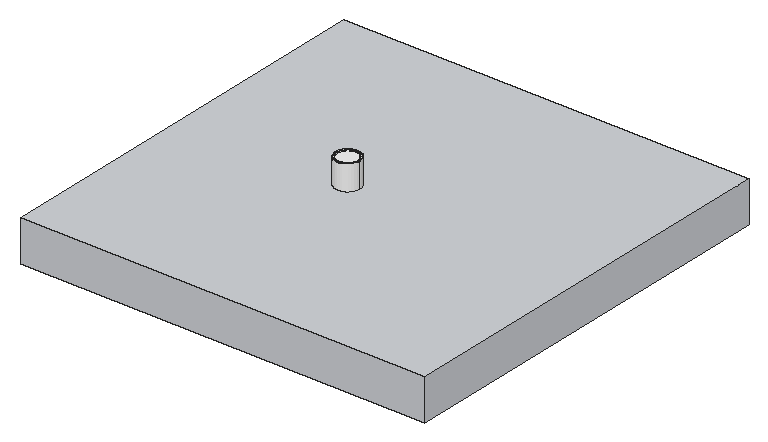
Revit family "Thorn CETUS3 MSF", category Lighting Fixtures, host Face, Revit 2018
Family settings
  Host = Face
  Round Connector Dimension = Use Diameter
  Part Type = Normal
  OmniClass Number = 23.80.70.11
  OmniClass Title = Luminaries for Internal Lighting
  Cut with Voids When Loaded = No
  Light Source = Yes
  Shared = No
  Room Calculation Point = No
Parameters (values of type "CETUS3 MSF 2000")
  Width = 181 mm  # constant formula
  Wattage Comments = ""
  Wattage = 13.7873 W
  built-in parameter 1150110 = 1 (stored number, unit not read)
  Voltage = 230 V
  URL = "www.thornlighting.com/92943894"
  Type Comments = "© Thorn. We reserve the right to make technical changes without prior notice."  # constant formula
  built-in parameter 1114217 = 1 (stored number, unit not read)
  Tilt Angle = -90.00°
  built-in parameter 1150109 = 1 (stored number, unit not read)
  built-in parameter 1150134 = 12
  built-in parameter 1150113 = 1 (stored number, unit not read)
  Photometric Web File = "92943894.IES"
  Model = "92943894"
  Manufacturer = "Thorn Lighting"  # constant formula
  built-in parameter 1150105 = 162.97 (stored number, unit not read)
  Lumens = 2048 lm
  built-in parameter 1150115 = 1 (stored number, unit not read)
  built-in parameter 1150137 = (empty or 0)
  built-in parameter 1150139 = (empty or 0)
  Length = 181 mm  # constant formula
  built-in parameter 1150112 = 1 (stored number, unit not read)
  built-in parameter 1150114 = 1 (stored number, unit not read)
  Lamp = "LED"  # constant formula
  built-in parameter 1150132 = 2
  built-in parameter 1150102 = (empty or 0)
  built-in parameter 1150107 = 4000 (stored number, unit not read)
  built-in parameter 1150138 = (empty or 0)
  built-in parameter 1150106 = 1.6297 (stored number, unit not read)
  Height = 182 mm  # constant formula
  Emit from Circle Diameter = 149 mm  # constant formula
  Emit Shape Visible in Rendering = no
  built-in parameter 1150104 = 13.8 (stored number, unit not read)
  Dimming Lamp Color Temperature Shift = <None>
  Description = "Surface mount LED luminaire"  # constant formula
  Default Elevation = 0 mm
  Color Filter = 16777215
  Body = ZG_Metal_White
  built-in parameter 1114218 = 1 (stored number, unit not read)
  built-in parameter 1150133 = 10 (stored number, unit not read)
  Assembly Code = "D5020210"
  Apparent Load = 15.5 VA
Reference planes
  plane 1 "Center (Front/Back)": y = 0
  plane 2 "Top": z = 0
  plane 3 "Center (Left/Right)": x = -735.5
  plane 4: z = 182
  plane 5: z = 180.5
Forms (mm)
  Extrusion 1, solid
    sketch origin (123, 0, 0) x (1, 0, 0) y (0, 1, 0)
      loop
        line (-2085.5, 1500) -> (-2085.5, -1500) -> (914.5, -1500) -> (914.5, 1500) -> (-2085.5, 1500)
    from 0 to -304.8
  Extrusion 2, solid, material "ZG_Metal_White" <- "Body"
    sketch origin (0, 0, 64) x (-1, 0, 0) y (0, -1, 0)
      loop
        circle (735.5, 0) r 90.5
      loop
        circle (735.5, 0) r 89
    from -64 to 118
  Extrusion 3, solid, material "ZG_Metal_White" <- "Body"
    sketch origin (0, 0, 64) x (-1, 0, 0) y (0, -1, 0)
      loop
        circle (735.5, 0) r 74.5
    from -64 to 118
  Extrusion 4, solid, material "ZG_Metal_White" <- "Body"
    sketch origin (0, 0, 64) x (-1, 0, 0) y (0, -1, 0)
      loop
        circle (735.5, 0) r 89
      loop
        circle (735.5, 0) r 74.5
    from -64 to 116.5
  Extrusion 5, solid, material "ZG_Metal_White" <- "Body"
    sketch origin (0, 0, 64) x (-1, 0, 0) y (0, -1, 0)
      loop
        circle (735.5, 0) r 88
      loop
        circle (735.5, 0) r 74.5
    from 116.5 to 118
Cuts and joins
  joined: Extrusion 2, Extrusion 4, Extrusion 5
Lines and regions (mm)
  symbolic lines, detail levels coarse
    curve 1: line (-735.5, 455, 0) -> (-735.5, -455, 0)
Dimensions and locks
  locked: plane 4 to plane 2 "Top" at 182
  locked: imposter light to plane 5 at 1.5
  aligned and locked: plane 2 "Top" to Extrusion 1
  aligned and locked: level to Extrusion 1
  aligned and locked: imposter light to plane 1 "Center (Front/Back)"
  aligned and locked: imposter light to plane 3 "Center (Left/Right)"
  aligned and locked: imposter light to plane 4
  aligned and locked: Extrusion 2 to plane 2 "Top"
  aligned and locked: plane 4 to Extrusion 2
  aligned and locked: imposter light to Extrusion 5
  aligned and locked: plane 4 to Extrusion 3
Connectors
  electrical at (-735.5, 0, 0), driven by "Apparent Load", driven by "Voltage"
    settings: index 1, voltage 230 V, apparent load 0 VA, apparent load phase1 15.5 VA, apparent load phase2 0 VA, apparent load phase3 0 VA, power factor 1, load classification "Lighting", number of poles 1, system type 31, power factor state 1, is connector primary yes, connector utility no, sub classification motor no, connector description "Power"
